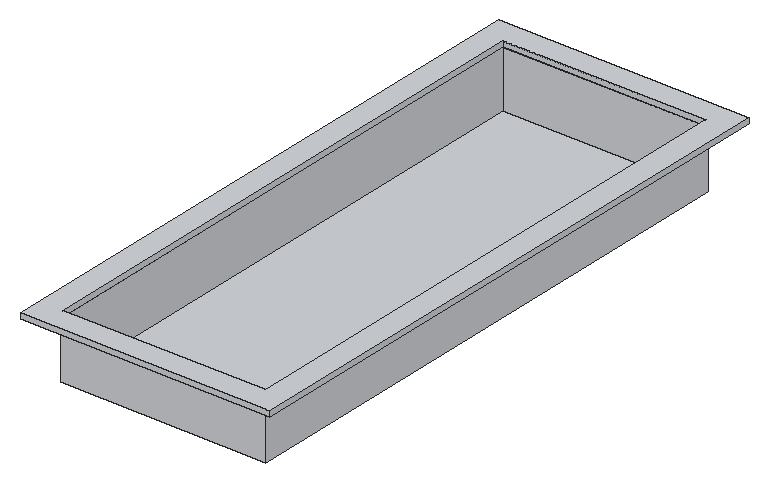
Revit family "Hager-VOLTA-Hollow_wall-Other-Without_Cover-Without_DIN-Hosted-CH-it", category Electrical Equipment, host Face, Revit 2023
Family settings
  Host = Face
  Panel Configuration = Two Columns, Circuits Across
  Round Connector Dimension = Use Diameter
  Part Type = Panelboard
  Cut with Voids When Loaded = No
  Maintain Annotation Orientation = Yes
  Shared = No
  Room Calculation Point = No
Parameters (values of type "VOLTA-Hollow_wall_W348_H880_D98_12_Modular_Spacing-VH60NK")
  Width Control [instance] = if([HG000006-Flush mounted-it], if([EF000846 - larghezza di montaggio] > min_whd, [EF000846 - larghezza di montaggio], min_whd), if([EF000008 - larghezza] > min_whd, ([EF000008 - larghezza]), min_whd))  # 314 mm
  Void Depth [instance] = if([HG000006-Flush mounted-it], Depth Control, 1 mm)  # 90 mm
  Uniformat code = "D501001"
  Uniformat = "Low Tension Service & Dist."
  HGEF0002950-larghezza in unità di suddivisione = 12
  HGEF000266-Numero di file = 5
  HG000131 - Functional label [instance] = ""
  HG000130 - Functional name [instance] = ""
  Type Comments = ""
  System Height [instance] = Height Control - 2 * [HG000005-Thickness-it]  # 842 mm
  Reference description = ""
  Reference = "VOLTA-Hollow_wall_W348_H880_D98_12_Modular_Spacing-VH60NK"
  Object type = ""
  Name hager = "ADD_Enclosures_EC000214"
  Name BIM&CO = "Electricity"
  Name = "VOLTA-Hollow_wall-Other-Without_Cover-Without_DIN-CH"
  Model = ""
  HG000099-Onfly Template ID-it-CH = "507532"
  HG000060-RAL-number = "9010"
  HG000059-Operating voltage-it-CH [instance] = 230 V
  HG000017-Distance between poles-it = 18 mm
  HG000016-Door 3D visibility-it = yes
  HG000015-Clearance visibility-it = yes
  HG000014-Door on the right-it = yes
  HG000013-Door on the left-it = no
  HG000012-Door swing angle-it = 90.00°
  HG000011-Empty rows from bottom-it = no
  HG000010-Asymmetric doors-it = no
  HG000009-Double swing door-it = no
  HG000008-Number of empty rows-it = 0
  HG000007-Number of empty columns-it = 0
  HG000006-Flush mounted-it = yes
  HG000005-Thickness-it = 2 mm
  HG000004-Manufacturer reference-it = "VH60NK"
  HG000003-Range-it = "VOLTA"
  HG000002-with door or cover-it = no
  HG000001 - Numero di colonne = 0
  GTIN (Global Trade Item Number) = ""
  ETIM class name = "Small distribution board"
  ETIM class code = "EC000214"
  EF015941 - porta di trasmissione del segnale = no
  EF015777 - morsettiera a conduttore neutro = no
  EF015776 - morsetto di messa a terra = no
  EF009212 - tipo di coperchio = ""
  EF006306 - con serratura = no
  EF006244 - coperchio/porta trasparente = no
  EF005474 - grado di protezione (IP) = "altri"
  EF004464 - tipo di porta = ""
  EF004462 - tipo di chiusura = "altri"
  EF002950 - numero di unità modulari = 12
  EF001596 - materiale della scatola = ""
  EF001134 - barra DIN = no
  EF001131 - profondità interna = 0 mm
  EF001088 - possibilità di applicazione = yes
  EF001062 - versione EMC = no
  EF000846 - larghezza di montaggio = 314 mm
  EF000339 - tipo di copertura = ""
  EF000332 - altezza di installazione = 846 mm
  EF000266 - numero di file = 5
  EF000218 - profondità di montaggio = 90 mm
  EF000118 - con piastra di montaggio = no
  EF000116 - numero RAL = 9010
  EF000049 - profondità = 98 mm
  EF000040 - altezza = 880 mm
  EF000024 - resistente ai raggi UV = no
  EF000008 - larghezza = 348 mm
  EF000007 - colore = "bianco"
  EF000003 - modo di montaggio = "parete forata"
  Creation Date = "12/15/2025 21:43:36"
  Code hager = "ADD-EC000214_EU"
  BIM&CO code = ""
  BC_VARIANT_ID = "1174143"
  BC_OBJECT_VERSION = "#9"  # constant formula
  BC_OBJECT_ID = "513470"  # constant formula
  BC_MODEL_ID = "1547125"  # constant formula
  Arrow Offset [instance] = Depth Control / 8  # 11.25 mm
  Arrow Height [instance] = Depth Control - Arrow Offset  # 78.75 mm
  Host Offset [instance] = if([HG000006-Flush mounted-it], 0 mm, [EF000049 - profondità])  # 0 mm
  min_whd [instance] = (2 * [HG000005-Thickness-it]) + 1 mm  # 5 mm
  Manufacturer = "Hager"  # constant formula
  Height Control [instance] = if([HG000006-Flush mounted-it], if([EF000332 - altezza di installazione] > min_whd, [EF000332 - altezza di installazione], min_whd), if([EF000040 - altezza] > min_whd, ([EF000040 - altezza]), min_whd))  # 846 mm
  Flush Mounted - Door Frame Width [instance] = if(([EF000040 - altezza] - [EF000332 - altezza di installazione]) > 0 mm, if([HG000006-Flush mounted-it], [EF000040 - altezza] - [EF000332 - altezza di installazione], 0 mm), 0 mm)  # 34 mm
  Depth Control [instance] = if([HG000006-Flush mounted-it], if([EF000218 - profondità di montaggio] > 0 mm, [EF000218 - profondità di montaggio], 1 mm), if([EF000049 - profondità] > 0 mm, ([EF000049 - profondità]), 1 mm))  # 90 mm
  Default Elevation = 0 mm
Types (5, lengths in mm): name | HGEF000266-Numero di file | System Height | Reference | HG000004-Manufacturer reference-it | EF009212 - tipo di coperchio | EF004462 - tipo di chiusura | EF001062 - versione EMC | EF000332 - altezza di installazione | EF000266 - numero di file | EF000049 - profondità | EF000040 - altezza | EF000008 - larghezza | BC_VARIANT_ID | Height Control | Flush Mounted - Door Frame Width
  VOLTA-Hollow_wall_W330_H355_D94_12_Modular_Spacing-VH12NK | 1 | 342 | "VOLTA-Hollow_wall_W330_H355_D94_12_Modular_Spacing-VH12NK" | "VH12NK" | "chiuso" | "" | yes | 346 | 1 | 94 | 355 | 330 | "1174126" | 346 | 9
  VOLTA-Hollow_wall_W348_H505_D98_12_Modular_Spacing-VH24NK | 2 | 467 | "VOLTA-Hollow_wall_W348_H505_D98_12_Modular_Spacing-VH24NK" | "VH24NK" | "" | "altri" | no | 471 | 2 | 98 | 505 | 348 | "1174131" | 471 | 34
  VOLTA-Hollow_wall_W348_H630_D98_12_Modular_Spacing-VH36NK | 3 | 592 | "VOLTA-Hollow_wall_W348_H630_D98_12_Modular_Spacing-VH36NK" | "VH36NK" | "" | "altri" | no | 596 | 3 | 98 | 630 | 348 | "1174136" | 596 | 34
  VOLTA-Hollow_wall_W348_H755_D98_12_Modular_Spacing-VH48NK | 4 | 717 | "VOLTA-Hollow_wall_W348_H755_D98_12_Modular_Spacing-VH48NK" | "VH48NK" | "" | "altri" | no | 721 | 4 | 98 | 755 | 348 | "1174140" | 721 | 34
  VOLTA-Hollow_wall_W348_H880_D98_12_Modular_Spacing-VH60NK | 5 | 842 | "VOLTA-Hollow_wall_W348_H880_D98_12_Modular_Spacing-VH60NK" | "VH60NK" | "" | "altri" | no | 846 | 5 | 98 | 880 | 348 | "1174143" | 846 | 34
Reference planes
  plane 1 "Center (Front/Back)": y = 0
  plane 2: z = 0
  plane 3 "Center (Left/Right)": x = 0
  plane 4: z = 0
  plane 5: y = 36
  plane 6: z = -5
  plane 7: y = 457
  plane 8: y = 34
  plane 9: y = 880
  plane 10: z = -90
  plane 11: x = -157
  plane 12: x = 157
  plane 13: x = 155
  plane 14: x = -155
  plane 15: y = 878
  plane 16: z = -88
  plane 17: z = -2
  plane 18: z = -90
  plane 19: z = -2
  plane 20 "Annotation H": y = -100
  plane 21 "Annotation V": x = 457
Forms (mm)
  Extrusion 1, solid
    sketch origin (-583.045, 34, 1219.2) x (-1, 0, 0) y (0, 0, 1)
      loop
        line (-426.045, -1219.2) -> (-740.045, -1219.2) -> (-740.045, -1309.2) -> (-426.045, -1309.2) -> (-426.045, -1219.2)
    from 0 to 846 <- "Height Control"
  Extrusion 2, void
    sketch origin (-381.607, -4572, 0) x (0, -1, 0) y (-1, 0, 0)
      loop
        line (-5450, -226.607) -> (-5450, -536.607) -> (-4608, -536.607) -> (-4608, -226.607) -> (-5450, -226.607)
    from 0 to 88
  Extrusion 3, void
    sketch origin (0, 0, 0) x (1, 0, 0) y (0, 1, 0)
      loop
        line (-157, 34) -> (157, 34) -> (157, 880) -> (-157, 880) -> (-157, 34)
    from -90 to 1
  Extrusion 4, solid, detail levels coarse+medium
    sketch origin (-381.607, -4572, 0) x (-1, 0, 0) y (0, -1, 0)
      loop
        line (-226.607, -5450) -> (-226.607, -4608) -> (-536.607, -4608) -> (-536.607, -5450) -> (-226.607, -5450)
    from 0 to -2
Cuts and joins
  Extrusion 2 cuts Extrusion 1
Dimensions and locks
  plane 4 to plane 6 = 5 mm
  "Host Offset": plane 4 to host face
  "Flush Mounted - Door Frame Width": plane 1 "Center (Front/Back)" to plane 8
  "HG000005-Thickness-it": plane 5 to plane 8
  locked: connector elem to plane 3 "Center (Left/Right)"
  "Height Control": plane 9 to plane 8
  equal spacing: plane 9, plane 7, plane 8
  locked: connector elem to plane 7
  "Depth Control": plane 4 to plane 10
  "HG000005-Thickness-it": plane 11 to plane 14
  "HG000005-Thickness-it": plane 12 to plane 13
  equal spacing: plane 11, plane 3 "Center (Left/Right)", plane 12
  "Width Control": plane 11 to plane 12
  "Arrow Offset": nested 4 to plane 10
  "HG000005-Thickness-it": plane 9 to plane 15
  "HG000005-Thickness-it": plane 16 to plane 10
  "HG000005-Thickness-it": plane 4 to plane 17
  "Void Depth": plane 2 to plane 18
  "HG000005-Thickness-it": plane 4 to plane 19
  locked: plane 20 "Annotation H" to plane 1 "Center (Front/Back)" at 100
  locked: plane 12 to plane 21 "Annotation V" at 300
  aligned and locked: plane 2 to host face
  aligned and locked: level to host face
  aligned and locked: plane 3 "Center (Left/Right)" to nested 2
  aligned and locked: plane 4 to nested 2
  aligned and locked: nested 2 to plane 8
  aligned and locked: nested 1 to plane 6
  aligned and locked: plane 5 to nested 1
  aligned and locked: nested 4 to plane 11
  aligned and locked: nested 3 to plane 4
  aligned and locked: Extrusion 1 sketch curve to plane 12
  aligned and locked: Extrusion 1 sketch curve to plane 11
  aligned and locked: nested 3 to plane 10
  aligned and locked: plane 10 to Extrusion 1 sketch curve
  aligned and locked: plane 5 to Extrusion 2 sketch curve
  aligned and locked: Extrusion 2 sketch curve to plane 15
  aligned and locked: Extrusion 2 sketch curve to plane 14
  aligned and locked: Extrusion 2 sketch curve to plane 13
  aligned and locked: plane 11 to Extrusion 3 sketch curve
  aligned and locked: plane 9 to Extrusion 3 sketch curve
  aligned and locked: Extrusion 3 sketch curve to plane 8
  aligned and locked: plane 12 to Extrusion 3 sketch curve
  aligned and locked: nested 3 to plane 12
  aligned and locked: Extrusion 3 to plane 18
  aligned and locked: Extrusion 2 to plane 16
  aligned and locked: Extrusion 1 sketch curve to plane 4
  aligned and locked: Extrusion 4 to plane 17
  aligned and locked: Extrusion 4 sketch curve to plane 15
  aligned and locked: Extrusion 4 sketch curve to plane 13
  aligned and locked: Extrusion 4 sketch curve to plane 14
  aligned and locked: plane 5 to Extrusion 4 sketch curve
  aligned and locked: nested 5 to plane 21 "Annotation V"
  aligned and locked: plane 20 "Annotation H" to nested 5
Automatic sketch dimensions
  host sketch curve to host sketch curve = 1469.727 mm
  host sketch curve to host sketch curve = 1434.803 mm
Nested families
  nested 1: "Hager_Enclosure_System" at (0, 36, -5) x (1, 0, 0) z (0, 1, 0), Height <- "System Height", Width_Control <- "Width Control", Built-in_Width <- "EF000846 - larghezza di montaggio", Width <- "EF000008 - larghezza", Depth <- "HG000005-Thickness-it", Border <- "HG000005-Thickness-it", Distance_Between_Poles <- "HG000017-Distance between poles-it", Flush_Mounted <- "HG000006-Flush mounted-it", Empty_Columns <- "HG000007-Number of empty columns-it", Total_No_Empty_Rows <- "HG000008-Number of empty rows-it", Empty_Rows_From_Bottom <- "HG000011-Empty rows from bottom-it", Columns_Count <- "HG000001 - Numero di colonne", Rows_Count <- "HGEF000266-Numero di file", Row_Module_Multiplicator <- "HGEF0002950-larghezza in unità di suddivisione", type "Hager_Enclosure_System", detail levels fine
    with Width_Control 314 mm, Width 348 mm, Total_No_Rows 5, Total_No_Empty_Rows 0, Total_No_Columns 1, System_Width 310 mm, Rows_Count 5, Rows_Column 5, Row_Module_Multiplicator 12, Panel_4 no, Panel_3 no, Panel_2 no, Panel_1 no, No_Panels_Ctrl 1, Hide_Columns yes, Height 842 mm, Flush_Mounted yes, Empty_Rows_From_Bottom no, Empty_Rows_Column 0, Empty_Columns 0, Empty column 4 0, Empty column 3 0, Empty column 2 0, Empty column 1 0, Distance_Between_Poles 18 mm, Depth 2 mm, Columns_Count 0, Column_Width 310 mm, Built-in_Width 314 mm, Border 2 mm
  nested 2: "Hager_Enclosure_Door" at (0, 34, 0) x (1, 0, 0) z (0, 1, 0), Height_Ctrl <- "Height Control", Width_Ctrl <- "Width Control", BuiltIn_Depth <- "EF000218 - profondità di montaggio", Depth <- "EF000049 - profondità", BuiltIn_Width <- "EF000846 - larghezza di montaggio", Height <- "EF000040 - altezza", BuiltIn_Height <- "EF000332 - altezza di installazione", Width <- "EF000008 - larghezza", Transparent <- "EF006244 - coperchio/porta trasparente", Border <- "HG000005-Thickness-it", Door <- "HG000002-with door or cover-it", Flush_Mounted <- "HG000006-Flush mounted-it", Double <- "HG000009-Double swing door-it", Assymetrical <- "HG000010-Asymmetric doors-it", Angle <- "HG000012-Door swing angle-it", Door_Left <- "HG000013-Door on the left-it", Door_Right <- "HG000014-Door on the right-it", Clearance <- "HG000015-Clearance visibility-it", 3d_Door <- "HG000016-Door 3D visibility-it", type "Hager_Enclosure_Door", detail levels medium+fine
    with min_wh 5 mm, Width_Ctrl 314 mm, Width 348 mm, Transparent_Door_No_Bottom_Border no, Transparent no, Leaf_Width 307 mm, Leaf_Tolerance 1.5 mm, Leaf_Height 839 mm, Leaf_2_Width 307 mm, Leaf_2_Offset 153.5 mm, Leaf_1_Width 307 mm, Leaf_1_Offset 153.5 mm, Height_Ctrl 846 mm, Height 880 mm, Frame_Width_Ctrl 34 mm, Frame_Width 34 mm, Frame_Internal_Offset 2 mm, Frame_Height_Ctrl 34 mm, Frame_Height 34 mm, Frame_Depth_Ctrl 8 mm, Frame_Depth 8 mm, Flush_Mounted yes, Double_Clearance_Ctrl no, Double no, Door_Right_Ctrl no, Door_Right yes, Door_Left_Ctrl no, Door_Left no, Door no, Depth 98 mm, Clearance_Depth 307 mm, Clearance_Ctrl yes, Clearance yes, BuiltIn_Width 314 mm, BuiltIn_Height 846 mm, BuiltIn_Depth 90 mm, Border 2 mm, Assymetrical no, Angle 90.00°, 3d_Door yes
  nested 3: "Hager_Enclosure_Symbol_Triangle" at (-157, 0, -90) x (1, 0, 0) z (0, -1, 0), Depth <- "Depth Control", Width <- "Width Control", type "Hager_Enclosure_Symbol_Triangle"
    with Width_Ctrl 314 mm, Width 314 mm, Depth_Ctrl 90 mm, Depth 90 mm
  nested 4: "Hager_Enclosure_Symbol_Arrow" at (-157, 0, -78.75) x (1, 0, 0) z (0, -1, 0), Height <- "Arrow Height", type "Hager_Enclosure_Symbol_Arrow"
    with Width_Inside 5.906 mm, Width 70.875 mm, Height_Ctrl 78.75 mm, Height 78.75 mm
  nested 5: "Hager_Annotation-HG000130" at (457, -100, 0) x (-1, 0, 0) z (0, 0, 1), HG000130 - Functional name <- "HG000130 - Functional name", type "Hager_Annotation-HG000130"
    with HG000130 - Functional name ""
Connectors
  electrical at (0, 457, -90)
    settings: on plane 10, index 1, voltage 0 V, apparent load 0 VA, apparent load phase1 0 VA, apparent load phase2 0 VA, apparent load phase3 0 VA, power factor 1, load classification "Other", number of poles 1, system type 30, power factor state 1, is connector primary yes, connector utility no, sub classification motor no, connector description ""
Definition of nested family "Hager_Enclosure_Door"
  Parameters (values of type "Hager_Enclosure_Door")
    min_wh [instance] = (2 * Border) + 1 mm  # 11 mm
    Width_Ctrl [instance] = 400 mm
    Width [instance] = 500 mm
    Transparent_Door_No_Bottom_Border [instance] = no
    Transparent [instance] = yes
    Leaf_Width [instance] = if((Width_Ctrl - 2 * Border - 2 * Leaf_Tolerance) > 0 mm, (Width_Ctrl - 2 * Border - 2 * Leaf_Tolerance), min_wh)  # 387 mm
    Leaf_Tolerance [instance] = 1.5 mm  # constant formula
    Leaf_Height [instance] = if((Height_Ctrl - 2 * Border - 2 * Leaf_Tolerance) > 0 mm, (Height_Ctrl - 2 * Border - 2 * Leaf_Tolerance), min_wh)  # 387 mm
    Leaf_2_Width [instance] = if(and(and(Double, Assymetrical), Door_Left), (Leaf_Width / 3) - (Leaf_Tolerance / 2), if(and(and(Double, Assymetrical), Door_Right), (Leaf_Width / 3) * 2 - (Leaf_Tolerance / 2), if(and(Double, not(Assymetrical)), (Leaf_Width / 2) - Leaf_Tolerance, Leaf_Width)))  # 387 mm
    Leaf_2_Offset [instance] = if(and(Double, Assymetrical), Leaf_2_Width / 2, if(and(Double, not(Assymetrical)), Leaf_Width / 4, Leaf_Width / 2))  # 193.5 mm
    Leaf_1_Width [instance] = if(and(and(Double, Assymetrical), Door_Right), (Leaf_Width / 3) - (Leaf_Tolerance / 2), if(and(and(Double, Assymetrical), Door_Left), (Width / 3) * 2 - (Leaf_Tolerance / 2), if(and(Double, not(Assymetrical)), (Leaf_Width / 2) - Leaf_Tolerance, Leaf_Width)))  # 387 mm
    Leaf_1_Offset [instance] = if(and(Double, Assymetrical), Leaf_1_Width / 2, if(and(Double, not(Assymetrical)), Leaf_Width / 4, Leaf_Width / 2))  # 193.5 mm
    Height_Ctrl [instance] = 400 mm
    Height [instance] = 500 mm
    Frame_Width_Ctrl [instance] = if(Frame_Width > 0 mm, Frame_Width, 1 mm)  # 1 mm
    Frame_Width [instance] = Width - BuiltIn_Width  # 0 mm
    Frame_Internal_Offset [instance] = if(Flush_Mounted, Border, 0 mm)  # 5 mm
    Frame_Height_Ctrl [instance] = if(Frame_Height > 0 mm, Frame_Height, 1 mm)  # 1 mm
    Frame_Height [instance] = Height - BuiltIn_Height  # 0 mm
    Frame_Depth_Ctrl [instance] = if(Frame_Depth > 0 mm, Frame_Depth, 1 mm)  # 1 mm
    Frame_Depth [instance] = if(Depth - BuiltIn_Depth > 0 mm, if(Flush_Mounted, Depth - BuiltIn_Depth, 0 mm), 0 mm)  # 0 mm
    Flush_Mounted [instance] = yes
    Double_Clearance_Ctrl [instance] = and(Double, Clearance)  # no
    Double [instance] = no
    Door_Right_Ctrl [instance] = and(or(Door_Right, Double), Door)  # yes
    Door_Right [instance] = yes
    Door_Left_Ctrl [instance] = and(or(Door_Left, Double), Door)  # no
    Door_Left [instance] = no
    Door [instance] = yes
    Depth [instance] = 500 mm
    Default Elevation = 1219.2 mm
    Clearance_Material = none
    Clearance_Depth [instance] = if(Leaf_1_Width > Leaf_2_Width, Leaf_1_Width, Leaf_2_Width)  # 387 mm
    Clearance_Ctrl [instance] = and(not(Double), Clearance)  # yes
    Clearance [instance] = yes
    BuiltIn_Width [instance] = 500 mm
    BuiltIn_Height [instance] = 500 mm
    BuiltIn_Depth [instance] = 500 mm
    Border [instance] = 5 mm
    Assymetrical [instance] = yes
    Angle [instance] = 30.00°
    3d_Door [instance] = yes
  Reference planes
    plane 1 "Center (Front/Back)": y = 0
    plane 2 "Bottom": z = 0
    plane 3 "Center (Left/Right)": x = 0
    plane 4: z = 400
    plane 5: x = -200
    plane 6: x = 200
    plane 7: z = 395
    plane 8: x = -195
    plane 9: z = 5
    plane 10: x = 195
    plane 11: y = 0
    plane 12: z = 6.5
    plane 13: x = -582
    plane 14: y = -387
    plane 15: x = 582
    plane 16: x = 0
    plane 17: x = 0
    plane 18: x = -193.5
    plane 19: x = 193.5
    plane 20: z = 393.5
  Forms (mm)
    Extrusion 1, solid, visible <- "Flush_Mounted"
      sketch origin (0, 0, 0) x (1, 0, 0) y (0, 0, 1)
        loop
          line (195, 5) -> (195, 395) -> (-195, 395) -> (-195, 5) -> (195, 5)
        loop
          line (-201, 401) -> (-201, -1) -> (201, -1) -> (201, 401) -> (-201, 401)
      from 0 to 1 <- "Frame_Depth_Ctrl"
    Extrusion 2, solid, material <- "Clearance_Material", visible <- "Double_Clearance_Ctrl"
      sketch origin (1200, 0, 0) x (1, 0, 0) y (0, 0, -1)
        loop
          line (-1782, -393.5) -> (-618, -393.5) -> (-618, 0) -> (-1782, 0) -> (-1782, -393.5)
      from 0 to -387
  Dimensions and locks
    equal spacing: plane 5, plane 3 "Center (Left/Right)", plane 6
    "Width_Ctrl": plane 5 to plane 6
    "Border": plane 5 to plane 8
    "Border": plane 6 to plane 10
    "Border": plane 9 to level
    "Border": plane 4 to plane 7
    "Height_Ctrl": plane 4 to level
    "Leaf_Tolerance": plane 12 to plane 9
    "Frame_Depth": plane 11 to plane 1 "Center (Front/Back)"
    "Frame_Width_Ctrl": plane 5 to Extrusion 1 sketch curve
    "Frame_Width_Ctrl": plane 6 to Extrusion 1 sketch curve
    "Frame_Width_Ctrl": Extrusion 1 sketch curve to plane 4
    "Frame_Width_Ctrl": plane 2 "Bottom" to Extrusion 1 sketch curve
    "Leaf_1_Offset": plane 18 to plane 16
    "Leaf_2_Offset": plane 17 to plane 19
    "Leaf_1_Width": plane 13 to plane 8
    "Leaf_2_Width": plane 10 to plane 15
    "Clearance_Depth": plane 14 to plane 1 "Center (Front/Back)"
    "Leaf_Tolerance": plane 8 to plane 18
    "Leaf_Tolerance": plane 19 to plane 10
    "Leaf_Tolerance": plane 7 to plane 20
    "Frame_Internal_Offset": plane 5 to Extrusion 1 sketch curve
    "Frame_Internal_Offset": Extrusion 1 sketch curve to plane 2 "Bottom"
    "Frame_Internal_Offset": plane 6 to Extrusion 1 sketch curve
    "Frame_Internal_Offset": plane 4 to Extrusion 1 sketch curve
    aligned and locked: level to plane 2 "Bottom"
    aligned and locked: nested 1 to plane 16
    aligned and locked: nested 2 to plane 17
    aligned and locked: Extrusion 2 to plane 13
    aligned and locked: plane 15 to Extrusion 2
    aligned and locked: Extrusion 2 to plane 14
    aligned and locked: plane 12 to nested 1
    aligned and locked: nested 2 to plane 12
    aligned and locked: Extrusion 2 to plane 11
    aligned and locked: plane 20 to Extrusion 2
    aligned and locked: nested 2 to plane 11
    aligned and locked: nested 1 to plane 11
  Automatic sketch dimensions
    Extrusion 2 sketch curve to level = 0 mm
    plane 5 to Extrusion 2 sketch curve = 382 mm
    plane 6 to Extrusion 2 sketch curve = 382 mm
    Extrusion 2 sketch curve to plane 4 = 6.5 mm
  Nested families
    nested 1: "Hager_Enclosure_Door_Leaf" at (0, 0, 6.5), Width <- "Leaf_1_Width", visible <- "Door_Left_Ctrl", Leaf_Height <- "Leaf_Height", Angle <- "Angle", Depth <- "Border", 3d_Door <- "3d_Door", Transparent <- "Transparent", Clearance Material <- "Clearance_Material", Clearance <- "Clearance_Ctrl", Transparent_Door_No_Bottom_Border <- "Transparent_Door_No_Bottom_Border", type "Hager_Enclosure_Door_Leaf"
      with Width 387 mm, Transparent_Door_No_Bottom_Border no, Transparent_Door_Border_Bottom_Top 25 mm, Transparent_Door_Border 25 mm, Transparent_Ctrl yes, Transparent yes, Standard no, Leaf_Height 387 mm, Glass_Offset 1 mm, Depth 5 mm, Clearance Material none, Clearance yes, Angle_Ctrl 30.00°, Angle 30.00°, 3d_Door yes
    nested 2: "Hager_Enclosure_Door_Leaf" at (0, 0, 6.5) x (-1, 0, 0) z (0, 0, 1), Width <- "Leaf_2_Width", visible <- "Door_Right_Ctrl", Leaf_Height <- "Leaf_Height", Angle <- "Angle", Depth <- "Border", 3d_Door <- "3d_Door", Transparent <- "Transparent", Clearance Material <- "Clearance_Material", Clearance <- "Clearance_Ctrl", Transparent_Door_No_Bottom_Border <- "Transparent_Door_No_Bottom_Border", type "Hager_Enclosure_Door_Leaf"
      with Width 387 mm, Transparent_Door_No_Bottom_Border no, Transparent_Door_Border_Bottom_Top 25 mm, Transparent_Door_Border 25 mm, Transparent_Ctrl yes, Transparent yes, Standard no, Leaf_Height 387 mm, Glass_Offset 1 mm, Depth 5 mm, Clearance Material none, Clearance yes, Angle_Ctrl 30.00°, Angle 30.00°, 3d_Door yes
  Definition of nested family "Hager_Enclosure_Door_Leaf"
    Parameters (values of type "Hager_Enclosure_Door_Leaf")
      Width [instance] = 2000 mm
      Transparent_Door_No_Bottom_Border [instance] = yes
      Transparent_Door_Border_Bottom_Top [instance] = if(Transparent_Door_No_Bottom_Border, 0.1 mm, Transparent_Door_Border)  # 0.1 mm
      Transparent_Door_Border [instance] = if(Transparent_Door_No_Bottom_Border, (Width * 0.12), 25 mm)  # 240 mm
      Transparent_Ctrl [instance] = and(Transparent, [3d_Door])  # yes
      Transparent [instance] = yes
      Standard [instance] = and(not(Transparent), [3d_Door])  # no
      Leaf_Height [instance] = 2720.336 mm
      Glass_Offset [instance] = if((Depth - 10 mm) / 2 > 0 mm, (Depth - 10 mm) / 2, 1 mm)  # 15 mm
      Glass_Material = none
      Depth [instance] = 40 mm
      Default Elevation = 0 mm
      Clearance Material [instance] = none
      Clearance [instance] = yes
      Angle_Ctrl [instance] = if(Angle > 170.00°, 170.00°, Angle)  # 45.00°
      Angle [instance] = 45.00°
      3d_Door [instance] = yes
    Reference planes
      plane 1 "Center (Front/Back)": y = 0
      plane 2: z = 0
      plane 3 "Center (Left/Right)": x = 0
      plane 4: y = 2000
      plane 5: x = -1000
      plane 6: x = 1000
      plane 7: x = -3000
      plane 8: z = 2720.336
      plane 9: z = 0.1
      plane 10: z = 2720.236
      plane 11: x = 760
      plane 12: x = -760
    Forms (mm)
      Extrusion 1, solid, material <- "Clearance Material", visible <- "Clearance"
        sketch origin (0, 0, 0) x (1, 0, 0) y (0, 0, 1)
          loop
            line (-3000, 2720.336) -> (-3000, 0) -> (1000, 0) -> (1000, 2720.336) -> (-3000, 2720.336)
        from 0 to -2000
      Extrusion 2, solid, visible <- "Standard", detail levels medium+fine
        sketch origin (-1000, 0, 0) x (0.707107, 0.707107, 0) y (-0.707107, 0.707107, 0)
          loop
            line (0, -40) -> (2000, -40) -> (2000, 0) -> (0, 0) -> (0, -40)
        from 0 to 2720.336 <- "Leaf_Height"
      Extrusion 3, solid, visible <- "Transparent_Ctrl", detail levels medium+fine
        sketch origin (-1000, 0, 0) x (0.707107, 0.707107, 0) y (-0.707107, 0.707107, 0)
          loop
            line (0, -40) -> (2000, -40) -> (2000, 0) -> (0, 0) -> (0, -40)
        from 0 to 2720.336 <- "Leaf_Height"
      Extrusion 4, void, detail levels medium+fine
        sketch origin (-1000, 0, 0) x (-0.707107, 0.707107, 0) y (0.707107, 0.707107, 0)
          loop
            line (0, 240) -> (0, 1760) -> (-40, 1760) -> (-40, 240) -> (0, 240)
        from -2720.236 to -0.1
      Extrusion 5, solid, material <- "Glass_Material", visible <- "Transparent_Ctrl", detail levels medium+fine
        sketch origin (-1000, 0, 0) x (0.707107, 0.707107, 0) y (-0.707107, 0.707107, 0)
          loop
            line (240, -15) -> (240, -25) -> (1760, -25) -> (1760, -15) -> (240, -15)
        from 0.1 to 2720.236
    Cuts and joins
      Extrusion 4 cuts Extrusion 3
    Lines and regions (mm)
      symbolic lines
        curve 1: line (1000, 0, 0) -> (-3000, 0, 0)
        curve 2: arc (1000, 0, 0) -> (-1000, 2000, 0) -> (-3000, 0, 0) r 2000
        curve 4: line (-1000, 0, 0) -> (414.214, 1414.214, 0)
      reference lines
        curve 3: line (-1000, 0, 0) -> (414.214, 1414.214, 0)
      symbolic lines, detail levels medium+fine
        curve 5: line (414.214, 1414.214, 0) -> (442.498, 1385.929, 0)
        curve 6: line (442.498, 1385.929, 0) -> (-971.716, -28.284, 0)
        curve 7: line (-971.716, -28.284, 0) -> (-1000, 0, 0)
        curve 8: line (-1000, 0, 2720.336) -> (1000, 0, 2720.336)
        curve 9: line (-1000, 0, 0) -> (-1000, 0, 2720.336)
        curve 10: line (1000, 0, 0) -> (-1000, 0, 0)
        curve 11: line (1000, 0, 2720.336) -> (1000, 0, 0)
      symbolic lines, visible <- "Transparent_Ctrl", detail levels medium+fine
        curve 12: line (-760, 0, 2720.236) -> (760, 0, 2720.236)
        curve 13: line (-760, 0, 0.1) -> (-760, 0, 2720.236)
        curve 14: line (760, 0, 0.1) -> (-760, 0, 0.1)
        curve 15: line (760, 0, 2720.236) -> (760, 0, 0.1)
    Dimensions and locks
      "Width": plane 1 "Center (Front/Back)" to plane 4
      equal spacing: plane 5, plane 3 "Center (Left/Right)", plane 6
      "Width": plane 5 to plane 6
      "Width": plane 7 to plane 5
      "Leaf_Height": plane 8 to level
      "Depth": curve 6 to curve 3
      "Width": curve 5 to curve 3
      "Width": curve 3 to curve 3
      "Transparent_Door_Border": Extrusion 4 sketch curve to curve 7
      "Transparent_Door_Border": Extrusion 4 sketch curve to curve 5
      "Transparent_Door_Border_Bottom_Top": plane 8 to plane 10
      "Transparent_Door_Border_Bottom_Top": plane 9 to level
      "Glass_Offset": Extrusion 5 sketch curve to curve 4
      "Glass_Offset": Extrusion 5 sketch curve to curve 6
      "Transparent_Door_Border": Extrusion 5 sketch curve to curve 5
      "Transparent_Door_Border": Extrusion 5 sketch curve to curve 7
      "Transparent_Door_Border": plane 12 to plane 5
      "Transparent_Door_Border": plane 6 to plane 11
      "Angle_Ctrl": angle plane 1 "Center (Front/Back)" to curve 3
      aligned and locked: level to plane 2
      aligned and locked: Extrusion 1 to curve 1
      aligned and locked: plane 6 to Extrusion 1
      aligned and locked: Extrusion 1 to plane 1 "Center (Front/Back)"
      aligned and locked: plane 4 to Extrusion 1
      aligned and locked: plane 8 to Extrusion 1
      aligned and locked: curve 4 to curve 3
      aligned and locked: Extrusion 2 sketch curve to curve 7
      aligned and locked: Extrusion 2 sketch curve to curve 6
      aligned and locked: Extrusion 2 sketch curve to curve 5
      aligned and locked: Extrusion 2 sketch curve to curve 3
      aligned and locked: curve 7 to Extrusion 3 sketch curve
      aligned and locked: Extrusion 3 sketch curve to curve 4
      aligned and locked: Extrusion 3 sketch curve to curve 6
      aligned and locked: Extrusion 3 sketch curve to curve 5
      aligned and locked: curve 4 to Extrusion 4 sketch curve
      aligned and locked: curve 6 to Extrusion 4 sketch curve
      aligned and locked: Extrusion 4 to plane 9
      aligned and locked: Extrusion 4 to plane 10
      aligned and locked: Extrusion 5 to plane 9
      aligned and locked: Extrusion 5 to plane 10
      aligned and locked: curve 8 to plane 8
      aligned and locked: plane 5 to curve 9
      aligned and locked: plane 2 to curve 10
      aligned and locked: curve 11 to plane 6
      aligned and locked: plane 10 to curve 12
      aligned and locked: plane 12 to curve 13
      aligned and locked: curve 14 to plane 9
      aligned and locked: plane 11 to curve 15
    Automatic sketch dimensions
      plane 1 "Center (Front/Back)" to curve 2 = 0 mm
      curve 2 to plane 5 = 0 mm
      Extrusion 1 sketch curve to level = 0 mm
      Extrusion 1 sketch curve to plane 7 = 0 mm
      Extrusion 1 sketch curve to plane 6 = 0 mm
      Extrusion 1 sketch curve to plane 8 = 0 mm
      plane 1 "Center (Front/Back)" to curve 3 = 0 mm
      curve 3 to plane 5 = 0 mm
      curve 7 to curve 3 = 0 mm
Definition of nested family "Hager_Enclosure_Symbol_Triangle"
  Parameters (values of type "Hager_Enclosure_Symbol_Triangle")
    Width_Ctrl [instance] = if(Width > 1 mm, Width, 1 mm)  # 498 mm
    Width [instance] = 498 mm
    Depth_Ctrl [instance] = if(Depth > 1 mm, Depth, 1 mm)  # 72 mm
    Depth [instance] = 72 mm
  Reference planes
    plane 1 "Centre (avant/arrière)": y = 0
    plane 2: z = 0
    plane 3 "Centre (gauche/droite)": x = 0
  Lines and regions (mm)
    Filled region 1, type "Solid_Black", in view "Niveau de réf."
      outline origin (0, 0, 0) x (1, 0, 0) y (0, 1, 0)
        loop
          line (0, 0) -> (498, 0) -> (498, 72) -> (0, 0)
    reference lines, in view "Niveau de réf."
      curve 1: line (-206.153, 72, 0) -> (1083.258, 72, 0)
      curve 2: line (498, 405.456, 0) -> (498, -517.619, 0)
  Dimensions and locks
    "Depth_Ctrl": plane 1 "Centre (avant/arrière)" to curve 1
    "Width_Ctrl": plane 3 "Centre (gauche/droite)" to curve 2
    aligned and locked: curve 1 to Filled region 1 sketch curve
    aligned and locked: Filled region 1 sketch curve to plane 1 "Centre (avant/arrière)"
    aligned and locked: curve 2 to Filled region 1 sketch curve
    aligned and locked: plane 3 "Centre (gauche/droite)" to Filled region 1 sketch curve
    aligned and locked: plane 1 "Centre (avant/arrière)" to Filled region 1 sketch curve
  Automatic sketch dimensions
    curve 1 to plane 3 "Centre (gauche/droite)" = 206.153 mm
    curve 2 to curve 1 = 585.258 mm
    plane 1 "Centre (avant/arrière)" to curve 2 = 517.619 mm
    curve 2 to plane 1 "Centre (avant/arrière)" = 405.456 mm
Definition of nested family "Hager_Enclosure_Symbol_Arrow"
  Parameters (values of type "Hager_Enclosure_Symbol_Arrow")
    Width_Inside [instance] = if(Width / 12 > 2 mm, Width / 12, 2 mm)  # 4.987 mm
    Width [instance] = if(Height_Ctrl * 0.9 > 2 mm, Height_Ctrl * 0.9, 2 mm)  # 59.85 mm
    Height_Ctrl [instance] = if(Height > 2 mm, Height, 2 mm)  # 66.5 mm
    Height [instance] = 66.5 mm
  Reference planes
    plane 1 "Centre (avant/arrière)": y = 0
    plane 2: z = 0
    plane 3 "Centre (gauche/droite)": x = 0
    plane 4: x = 59.85
    plane 5: y = 28.263
    plane 6: y = 38.238
    plane 7: y = 66.5
    plane 8: x = 29.925
    plane 9: y = 33.25
  Lines and regions (mm)
    Filled region 1, type "Solid_Black", in view "Niveau de réf."
      outline origin (0, 0, 0) x (1, 0, 0) y (0, 1, 0)
        loop
          line (59.85, 66.5) -> (37.929, 52.827) -> (51.846, 41.935) -> (59.85, 66.5)
    detail lines, in view "Niveau de réf."
      curve 1: line (0, 0, 0) -> (29.925, 38.238, 0)
      curve 2: line (29.925, 38.238, 0) -> (29.925, 28.263, 0)
      curve 3: line (29.925, 28.263, 0) -> (59.85, 66.5, 0)
  Dimensions and locks
    "Width": plane 3 "Centre (gauche/droite)" to plane 4
    "Height_Ctrl": plane 7 to plane 1 "Centre (avant/arrière)"
    equal spacing: plane 3 "Centre (gauche/droite)", plane 8, plane 4
    equal spacing: plane 7, plane 9, plane 1 "Centre (avant/arrière)"
    equal spacing: plane 6, plane 9, plane 5
    "Width_Inside": plane 6 to plane 9
    equal spacing: curve 3, Filled region 1 sketch curve, Filled region 1 sketch curve
    angle Filled region 1 sketch curve to curve 3 = 20.00°
    angle curve 3 to Filled region 1 sketch curve = 20.00°
    locked: curve 3 to Filled region 1 sketch curve (angle 90.00°)
  Automatic sketch dimensions
    plane 1 "Centre (avant/arrière)" to curve 1 = 0 mm
    curve 1 to plane 3 "Centre (gauche/droite)" = 0 mm
    curve 2 to plane 6 = 0 mm
    curve 3 to plane 8 = 0 mm
    curve 3 to plane 4 = 0 mm
    curve 2 to plane 5 = 0 mm
    curve 3 to plane 7 = 0 mm
    Filled region 1 sketch curve to plane 4 = 0 mm
    Filled region 1 sketch curve to plane 7 = 0 mm
Definition of nested family "Hager_Annotation-HG000130"
  Parameters (values of type "Hager_Annotation-HG000130")
    HG000130 - Functional name [instance] = ""
  Reference planes
    plane 1: y = 0
    plane 2: x = 0
  Lines and regions (mm)
    detail lines
      curve 1: line (-27.5, 10, 0) -> (27.5, 10, 0)
      curve 2: line (-27.5, -10, 0) -> (-27.5, 10, 0)
      curve 3: line (27.5, -10, 0) -> (-27.5, -10, 0)
      curve 4: line (27.5, 10, 0) -> (27.5, -10, 0)
  Text (mm)
    label "HG000130 - Functional name" at (0.16, 0.026, 0), shows "HG000130 - Functional name"
